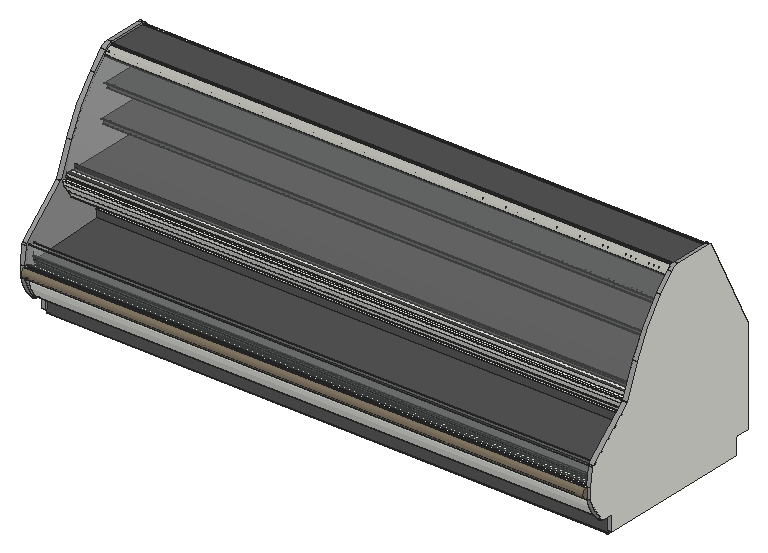
Revit family "CR3HV-ND_2014", category Specialty Equipment, Revit 2014 (continued)
Automatic sketch dimensions
  Extrusion 9 sketch curve to Extrusion 9 sketch curve = 0.13866"
  Extrusion 9 sketch curve to Extrusion 9 sketch curve = 0.16094"
  Extrusion 9 sketch curve to Extrusion 9 sketch curve = 0.05507"
  Extrusion 9 sketch curve to Extrusion 9 sketch curve = 0.05615"
  Extrusion 9 sketch curve to Extrusion 9 sketch curve = 0.06289"
  Extrusion 9 sketch curve to Extrusion 9 sketch curve = 0.05451"
  Extrusion 9 sketch curve to Extrusion 9 sketch curve = 0.01184"
  Extrusion 9 sketch curve to Extrusion 9 sketch curve = 0.00014"
  Extrusion 9 sketch curve to Extrusion 9 sketch curve = 0.04832"
  Extrusion 9 sketch curve to Extrusion 9 sketch curve = 0.02095"
  Extrusion 9 sketch curve to Extrusion 9 sketch curve = 0.00189"
  Extrusion 9 sketch curve to Extrusion 9 sketch curve = 0.03346"
  Extrusion 9 sketch curve to Extrusion 9 sketch curve = 0.21774"
  Extrusion 9 sketch curve to Extrusion 9 sketch curve = 0.03877"
  Extrusion 9 sketch curve to Extrusion 9 sketch curve = 0.03904"
  plane 8 to Extrusion 9 sketch curve = 1.10241"
  Extrusion 9 sketch curve to Extrusion 9 sketch curve = 0.06402"
  Extrusion 9 sketch curve to Extrusion 9 sketch curve = 0.00967"
  Extrusion 9 sketch curve to Extrusion 9 sketch curve = 0.027"
  Extrusion 9 sketch curve to Extrusion 9 sketch curve = 0.26105"
  Extrusion 9 sketch curve to Extrusion 9 sketch curve = 0.03937"
  Extrusion 9 sketch curve to Extrusion 9 sketch curve = 0.06401"
  Extrusion 9 sketch curve to Extrusion 9 sketch curve = 0.27165"
  Extrusion 9 sketch curve to Extrusion 9 sketch curve = 0.03537"
  plane 8 to Extrusion 9 sketch curve = 2.35706"
  Extrusion 9 sketch curve to Extrusion 9 sketch curve = 0.03814"
  Extrusion 9 sketch curve to Extrusion 9 sketch curve = 0.00018"
  Extrusion 10 sketch curve to level = 0"
  level to Extrusion 10 sketch curve = 1/8"
  plane 9 to Extrusion 10 sketch curve = 7.1352"
  Extrusion 10 sketch curve to Extrusion 10 sketch curve = 1/8"
  Extrusion 10 sketch curve to Extrusion 10 sketch curve = 9/32"
  Extrusion 10 sketch curve to Extrusion 10 sketch curve = 0.035"
  level to Extrusion 10 sketch curve = 0.12301"
  Extrusion 10 sketch curve to Extrusion 10 sketch curve = 0.30277"
  level to Extrusion 10 sketch curve = 0.15526"
  Extrusion 10 sketch curve to Extrusion 10 sketch curve = 0.01862"
  level to Extrusion 10 sketch curve = 0.05568"
  Extrusion 10 sketch curve to Extrusion 10 sketch curve = 0.36323"
  level to Extrusion 10 sketch curve = 0.09015"
  Extrusion 10 sketch curve to Extrusion 10 sketch curve = 0.00608"
  Extrusion 10 sketch curve to Extrusion 10 sketch curve = 0.37028"
  Extrusion 10 sketch curve to Extrusion 10 sketch curve = 0.01274"
  Extrusion 10 sketch curve to Extrusion 10 sketch curve = 5 5/32"
  Extrusion 10 sketch curve to Extrusion 10 sketch curve = 5.01739"
  Extrusion 11 sketch curve to Extrusion 11 sketch curve = 0"  (x3)
  plane 9 to Extrusion 11 sketch curve = 15.37827"
  Extrusion 11 sketch curve to Extrusion 11 sketch curve = 0.515"
  Extrusion 11 sketch curve to Extrusion 11 sketch curve = 0.02766"
  Extrusion 11 sketch curve to Extrusion 11 sketch curve = 0.03486"  (x2)
  Extrusion 11 sketch curve to Extrusion 11 sketch curve = 0.02988"
  Extrusion 11 sketch curve to Extrusion 11 sketch curve = 0.03"  (x3)
  Extrusion 11 sketch curve to Extrusion 11 sketch curve = 0.035"
  Extrusion 11 sketch curve to Extrusion 11 sketch curve = 0.00883"
  Extrusion 11 sketch curve to Extrusion 11 sketch curve = 0.03109"
  Extrusion 11 sketch curve to Extrusion 11 sketch curve = 0.00005"
  Extrusion 11 sketch curve to Extrusion 11 sketch curve = 0.03299"
  Extrusion 11 sketch curve to Extrusion 11 sketch curve = 0.06453"
  Extrusion 11 sketch curve to Extrusion 11 sketch curve = 0.0787"
  Extrusion 11 sketch curve to Extrusion 11 sketch curve = 0.08195"
  Extrusion 11 sketch curve to Extrusion 11 sketch curve = 0.82481"
  Extrusion 11 sketch curve to Extrusion 11 sketch curve = 0.06907"
  Extrusion 11 sketch curve to Extrusion 11 sketch curve = 0.0847"
  plane 8 to Extrusion 11 sketch curve = 24.75164"
  Extrusion 11 sketch curve to Extrusion 11 sketch curve = 0.91075"
  Extrusion 11 sketch curve to Extrusion 11 sketch curve = 0.06107"
  Extrusion 11 sketch curve to Extrusion 11 sketch curve = 0.98365"
  Extrusion 11 sketch curve to Extrusion 11 sketch curve = 1.07222"
  Extrusion 11 sketch curve to Extrusion 11 sketch curve = 0.05546"
  Extrusion 11 sketch curve to Extrusion 11 sketch curve = 0.30493"
  Extrusion 11 sketch curve to Extrusion 11 sketch curve = 1/128"
  Extrusion 11 sketch curve to Extrusion 11 sketch curve = 0.39149"
  Extrusion 11 sketch curve to Extrusion 11 sketch curve = 0.0031"
  Extrusion 11 sketch curve to Extrusion 11 sketch curve = 0.00266"
  Extrusion 11 sketch curve to Extrusion 11 sketch curve = 1.55844"
  Extrusion 11 sketch curve to Extrusion 11 sketch curve = 0.05723"
  Extrusion 11 sketch curve to Extrusion 11 sketch curve = 0.00109"
  Extrusion 12 sketch curve to Extrusion 12 sketch curve = 0"  (x2)
  plane 9 to Extrusion 12 sketch curve = 13.1237"
  Extrusion 12 sketch curve to Extrusion 12 sketch curve = 0.23156"
  plane 8 to Extrusion 12 sketch curve = 1.66575"
  plane 1 "Back" to Extrusion 12 sketch curve = 23.88271"
  plane 8 to Extrusion 12 sketch curve = 1.84379"
  Extrusion 12 sketch curve to Extrusion 12 sketch curve = 0.15492"
  Extrusion 12 sketch curve to plane 1 "Back" = 2.52916"
  Extrusion 12 sketch curve to Extrusion 12 sketch curve = 22.67382"
  plane 9 to Extrusion 14 sketch curve = 2.68829"
  Extrusion 14 sketch curve to Extrusion 14 sketch curve = 0.12486"
  plane 9 to Extrusion 14 sketch curve = 2.87316"
  Extrusion 14 sketch curve to Extrusion 14 sketch curve = 0.12437"
  Extrusion 14 sketch curve to Extrusion 14 sketch curve = 0.25581"
  level to Extrusion 14 sketch curve = 14.19929"
  Extrusion 14 sketch curve to Extrusion 14 sketch curve = 0.02955"
  Extrusion 14 sketch curve to Extrusion 14 sketch curve = 3.92755"
  Extrusion 14 sketch curve to Extrusion 14 sketch curve = 0.0067"
  plane 8 to Extrusion 47 sketch curve = 8.41696"
  plane 8 to Extrusion 47 sketch curve = 8.38571"
  Extrusion 47 sketch curve to Extrusion 47 sketch curve = 1/32"  (x6)
  Extrusion 47 sketch curve to Extrusion 47 sketch curve = 0.71125"
  Extrusion 47 sketch curve to Extrusion 47 sketch curve = 0.035"  (x5)
  Extrusion 47 sketch curve to Extrusion 47 sketch curve = 0.00008"
  Extrusion 47 sketch curve to Extrusion 47 sketch curve = 0.055"
  Extrusion 47 sketch curve to Extrusion 47 sketch curve = 0.04625"
  plane 8 to Extrusion 47 sketch curve = 10.00849"
  Extrusion 47 sketch curve to Extrusion 47 sketch curve = 0.05477"
  Extrusion 47 sketch curve to Extrusion 47 sketch curve = 1.96492"
  Extrusion 47 sketch curve to Extrusion 47 sketch curve = 1/2"  (x2)
  Extrusion 47 sketch curve to Extrusion 47 sketch curve = 6 21/32"
  Extrusion 47 sketch curve to Extrusion 47 sketch curve = 0"  (x3)
  Extrusion 47 sketch curve to Extrusion 47 sketch curve = 0.16899"
  Extrusion 47 sketch curve to Extrusion 47 sketch curve = 0.31198"
  Extrusion 47 sketch curve to Extrusion 47 sketch curve = 1.37465"
  Extrusion 47 sketch curve to Extrusion 47 sketch curve = 0.41677"
  Extrusion 47 sketch curve to Extrusion 47 sketch curve = 7/32"
  Extrusion 48 sketch curve to Extrusion 48 sketch curve = 1/32"  (x6)
  Extrusion 48 sketch curve to Extrusion 48 sketch curve = 0.71125"
  Extrusion 48 sketch curve to Extrusion 48 sketch curve = 0.035"  (x4)
  Extrusion 48 sketch curve to Extrusion 48 sketch curve = 0.00008"
  Extrusion 48 sketch curve to Extrusion 48 sketch curve = 0.055"
  Extrusion 48 sketch curve to Extrusion 48 sketch curve = 0.04625"
  plane 8 to Extrusion 48 sketch curve = 17.78662"
  Extrusion 48 sketch curve to Extrusion 48 sketch curve = 0.05477"
  Extrusion 48 sketch curve to Extrusion 48 sketch curve = 1.96492"
  Extrusion 48 sketch curve to Extrusion 48 sketch curve = 1/2"  (x2)
  Extrusion 48 sketch curve to Extrusion 48 sketch curve = 8 21/32"
  Extrusion 48 sketch curve to Extrusion 48 sketch curve = 0"  (x4)
  Extrusion 48 sketch curve to Extrusion 48 sketch curve = 0.16899"
  Extrusion 48 sketch curve to Extrusion 48 sketch curve = 0.31198"
  Extrusion 48 sketch curve to Extrusion 48 sketch curve = 1.37465"
  Extrusion 48 sketch curve to Extrusion 48 sketch curve = 0.8948"
  Extrusion 48 sketch curve to Extrusion 48 sketch curve = 0.16677"
  Extrusion 48 sketch curve to Extrusion 48 sketch curve = 3/16"  (x2)
  Extrusion 4 sketch curve to plane 1 "Back" = 0"
  plane 1 "Back" to Extrusion 4 sketch curve = 0.065"
  plane 1 "Back" to Extrusion 4 sketch curve = 0.32751"
  plane 1 "Back" to Extrusion 4 sketch curve = 0.6263"
  Extrusion 4 sketch curve to Extrusion 4 sketch curve = 0.62802"
  Extrusion 4 sketch curve to Extrusion 4 sketch curve = 0.06401"
  Extrusion 4 sketch curve to Extrusion 4 sketch curve = 1.352"
  Extrusion 4 sketch curve to Extrusion 4 sketch curve = 0.03046"
  Extrusion 4 sketch curve to Extrusion 4 sketch curve = 0.104"
  Extrusion 4 sketch curve to Extrusion 4 sketch curve = 0.68908"  (x2)
  Extrusion 4 sketch curve to Extrusion 4 sketch curve = 0.07354"  (x2)
  Extrusion 4 sketch curve to Extrusion 4 sketch curve = 0.81092"
  Extrusion 4 sketch curve to Extrusion 4 sketch curve = 0.0545"
  Extrusion 4 sketch curve to Extrusion 4 sketch curve = 0.0361"
  Extrusion 4 sketch curve to Extrusion 4 sketch curve = 0.12383"
  Extrusion 4 sketch curve to Extrusion 4 sketch curve = 0.00225"
  Extrusion 4 sketch curve to Extrusion 4 sketch curve = 0.20915"
  plane 8 to Extrusion 4 sketch curve = 2.56602"
  plane 8 to Extrusion 4 sketch curve = 2.69006"
  Extrusion 4 sketch curve to Extrusion 4 sketch curve = 0.03915"
  Extrusion 4 sketch curve to Extrusion 4 sketch curve = 0.08163"
  plane 8 to Extrusion 4 sketch curve = 0.28035"
  Extrusion 4 sketch curve to Extrusion 4 sketch curve = 1.18817"
  Extrusion 4 sketch curve to Extrusion 4 sketch curve = 0.02662"
  Extrusion 4 sketch curve to Extrusion 4 sketch curve = 0.35481"
  Extrusion 4 sketch curve to Extrusion 4 sketch curve = 0.092"  (x4)
  Extrusion 4 sketch curve to Extrusion 4 sketch curve = 0.03"  (x3)
  Extrusion 4 sketch curve to Extrusion 4 sketch curve = 0.10449"
  plane 8 to Extrusion 4 sketch curve = 0.68894"
  Extrusion 4 sketch curve to Extrusion 4 sketch curve = 9.45273"
  Extrusion 4 sketch curve to Extrusion 4 sketch curve = 2.48774"
  Extrusion 4 sketch curve to Extrusion 4 sketch curve = 0.47374"
  Extrusion 4 sketch curve to Extrusion 4 sketch curve = 0.035"
  Extrusion 4 sketch curve to Extrusion 4 sketch curve = 2.25801"
  Extrusion 4 sketch curve to Extrusion 4 sketch curve = 0.1985"
  Extrusion 4 sketch curve to Extrusion 4 sketch curve = 0.01919"
  level to Extrusion 4 sketch curve = 7.2975"
  Extrusion 4 sketch curve to Extrusion 4 sketch curve = 0.98004"
  Extrusion 4 sketch curve to Extrusion 4 sketch curve = 0.8265"
  Extrusion 4 sketch curve to Extrusion 4 sketch curve = 2.4815"
  Extrusion 4 sketch curve to Extrusion 4 sketch curve = 0.11678"
  Extrusion 4 sketch curve to Extrusion 4 sketch curve = 0.15359"
  Extrusion 4 sketch curve to Extrusion 4 sketch curve = 0.04211"
  Extrusion 4 sketch curve to Extrusion 4 sketch curve = 0.06467"
  level to Extrusion 4 sketch curve = 17.17228"
  Extrusion 4 sketch curve to Extrusion 4 sketch curve = 0.06386"
  Extrusion 4 sketch curve to Extrusion 4 sketch curve = 1.55573"
  Extrusion 4 sketch curve to Extrusion 4 sketch curve = 4.81909"
  Extrusion 4 sketch curve to Extrusion 4 sketch curve = 0.87605"
  Extrusion 4 sketch curve to Extrusion 4 sketch curve = 0.12563"
  Extrusion 4 sketch curve to Extrusion 4 sketch curve = 0.02379"  (x2)
  Extrusion 4 sketch curve to Extrusion 4 sketch curve = 0.0325"  (x2)
  Extrusion 4 sketch curve to Extrusion 4 sketch curve = 0.07575"
  Extrusion 4 sketch curve to Extrusion 4 sketch curve = 0.015"  (x2)
  Extrusion 4 sketch curve to Extrusion 4 sketch curve = 0.02598"
  Extrusion 4 sketch curve to Extrusion 4 sketch curve = 0.48449"
  Extrusion 4 sketch curve to Extrusion 4 sketch curve = 0.01904"
  Extrusion 4 sketch curve to Extrusion 4 sketch curve = 0.065"
  Extrusion 4 sketch curve to Extrusion 4 sketch curve = 0.12441"
  Extrusion 4 sketch curve to Extrusion 4 sketch curve = 0.24849"  (x2)
  Extrusion 4 sketch curve to Extrusion 4 sketch curve = 0.04596"
  Extrusion 4 sketch curve to Extrusion 4 sketch curve = 0.83571"
  Extrusion 4 sketch curve to Extrusion 4 sketch curve = 0.05629"  (x2)
  Extrusion 4 sketch curve to Extrusion 4 sketch curve = 0.14725"
  Extrusion 4 sketch curve to Extrusion 4 sketch curve = 0.04065"
  Extrusion 4 sketch curve to Extrusion 4 sketch curve = 1.02139"
  Extrusion 4 sketch curve to Extrusion 4 sketch curve = 0.05766"
  Extrusion 4 sketch curve to Extrusion 4 sketch curve = 0.85479"
  Extrusion 4 sketch curve to Extrusion 4 sketch curve = 0.0357"
  Extrusion 4 sketch curve to Extrusion 4 sketch curve = 0.07566"
  Extrusion 4 sketch curve to Extrusion 4 sketch curve = 0.03881"
  Extrusion 4 sketch curve to Extrusion 4 sketch curve = 0.05591"
  Extrusion 4 sketch curve to Extrusion 4 sketch curve = 0.02684"
  Extrusion 4 sketch curve to Extrusion 4 sketch curve = 0.03603"
  Extrusion 4 sketch curve to Extrusion 4 sketch curve = 0.0541"
  Extrusion 4 sketch curve to Extrusion 4 sketch curve = 0.7444"
  Extrusion 4 sketch curve to Extrusion 4 sketch curve = 0.09558"
  Extrusion 4 sketch curve to Extrusion 4 sketch curve = 0.74671"
  Extrusion 4 sketch curve to Extrusion 4 sketch curve = 0.76169"
  Extrusion 4 sketch curve to Extrusion 4 sketch curve = 0.01886"
  Extrusion 4 sketch curve to Extrusion 4 sketch curve = 0.2159"
  Extrusion 4 sketch curve to Extrusion 4 sketch curve = 0.02365"
  Extrusion 4 sketch curve to Extrusion 4 sketch curve = 0.06259"
  plane 9 to Extrusion 4 sketch curve = 11.03615"
  plane 9 to Extrusion 4 sketch curve = 6.9102"
  Extrusion 4 sketch curve to Extrusion 4 sketch curve = 0.05412"
  plane 9 to Extrusion 4 sketch curve = 5.24785"
  Extrusion 4 sketch curve to Extrusion 4 sketch curve = 0.062"  (x2)
  Extrusion 4 sketch curve to Extrusion 4 sketch curve = 0.01883"
  Extrusion 4 sketch curve to Extrusion 4 sketch curve = 0.05989"
  Extrusion 4 sketch curve to Extrusion 4 sketch curve = 0.345"
  Extrusion 4 sketch curve to Extrusion 4 sketch curve = 2.91494"
  Extrusion 4 sketch curve to Extrusion 4 sketch curve = 0.0433"
  Extrusion 4 sketch curve to Extrusion 4 sketch curve = 0.06145"
  Extrusion 4 sketch curve to Extrusion 4 sketch curve = 0.06914"
  Extrusion 4 sketch curve to Extrusion 4 sketch curve = 0.942"
  Extrusion 4 sketch curve to Extrusion 4 sketch curve = 0.56589"
  Extrusion 4 sketch curve to Extrusion 4 sketch curve = 1.25839"
  Extrusion 4 sketch curve to Extrusion 4 sketch curve = 0.36361"
  Extrusion 4 sketch curve to Extrusion 4 sketch curve = 0.42611"
  plane 9 to Extrusion 4 sketch curve = 1.02779"
  Extrusion 4 sketch curve to Extrusion 4 sketch curve = 0.00311"
  Extrusion 4 sketch curve to Extrusion 4 sketch curve = 0.48743"
  Extrusion 4 sketch curve to Extrusion 4 sketch curve = 0.0925"
  Extrusion 4 sketch curve to Extrusion 4 sketch curve = 0.47528"
  Extrusion 4 sketch curve to Extrusion 4 sketch curve = 0.23651"
  Extrusion 4 sketch curve to Extrusion 4 sketch curve = 0.01521"
  plane 9 to Extrusion 4 sketch curve = 0.14277"  (x2)
  plane 9 to Extrusion 4 sketch curve = 0.05027"
  Extrusion 4 sketch curve to plane 1 "Back" = 0.08431"
  Extrusion 4 sketch curve to Extrusion 4 sketch curve = 0.03809"
  Extrusion 4 sketch curve to plane 1 "Back" = 0.15406"
  level to Extrusion 4 sketch curve = 7.237"
  Extrusion 4 sketch curve to Extrusion 4 sketch curve = 0.136"
  Extrusion 4 sketch curve to Extrusion 4 sketch curve = 0.70692"
  Extrusion 4 sketch curve to Extrusion 4 sketch curve = 0.75032"
  Extrusion 4 sketch curve to Extrusion 4 sketch curve = 1.5865"
  Extrusion 4 sketch curve to Extrusion 4 sketch curve = 0.74139"
  Extrusion 4 sketch curve to Extrusion 4 sketch curve = 0.01129"
  Extrusion 4 sketch curve to Extrusion 4 sketch curve = 0.38798"
  Extrusion 4 sketch curve to Extrusion 4 sketch curve = 0.01095"
  Extrusion 4 sketch curve to Extrusion 4 sketch curve = 0.82285"
  Extrusion 4 sketch curve to Extrusion 4 sketch curve = 2.6421"
  Extrusion 4 sketch curve to Extrusion 4 sketch curve = 0.19959"
  Extrusion 4 sketch curve to Extrusion 4 sketch curve = 3.75115"
  Extrusion 4 sketch curve to Extrusion 4 sketch curve = 0.01965"
  Extrusion 4 sketch curve to Extrusion 4 sketch curve = 0.0444"
  Extrusion 4 sketch curve to Extrusion 4 sketch curve = 0.02984"
  Extrusion 4 sketch curve to Extrusion 4 sketch curve = 0.96146"
  Extrusion 4 sketch curve to Extrusion 4 sketch curve = 0.01605"
  Extrusion 4 sketch curve to Extrusion 4 sketch curve = 0.18049"
  Extrusion 4 sketch curve to Extrusion 4 sketch curve = 0.22173"
  Extrusion 4 sketch curve to Extrusion 4 sketch curve = 0.23307"
  Extrusion 4 sketch curve to Extrusion 4 sketch curve = 1.70487"
  Extrusion 4 sketch curve to Extrusion 4 sketch curve = 0.31289"
  Extrusion 4 sketch curve to Extrusion 4 sketch curve = 0.3255"
  Extrusion 4 sketch curve to Extrusion 4 sketch curve = 0.4175"
  Extrusion 4 sketch curve to Extrusion 4 sketch curve = 0.476"
  Extrusion 4 sketch curve to Extrusion 4 sketch curve = 0.3284"
  Extrusion 4 sketch curve to Extrusion 4 sketch curve = 0.59641"
  Extrusion 4 sketch curve to Extrusion 4 sketch curve = 0.28768"
  Extrusion 4 sketch curve to Extrusion 4 sketch curve = 0.01868"
  Extrusion 4 sketch curve to Extrusion 4 sketch curve = 0.41526"
  Extrusion 4 sketch curve to Extrusion 4 sketch curve = 0.30844"
  Extrusion 4 sketch curve to Extrusion 4 sketch curve = 0.40023"
  Extrusion 4 sketch curve to Extrusion 4 sketch curve = 2.45575"
  Extrusion 4 sketch curve to Extrusion 4 sketch curve = 14.176"
  Extrusion 4 sketch curve to Extrusion 4 sketch curve = 0.70971"
  Extrusion 4 sketch curve to Extrusion 4 sketch curve = 0.08169"
  Extrusion 4 sketch curve to Extrusion 4 sketch curve = 0.49529"
  Extrusion 4 sketch curve to Extrusion 4 sketch curve = 0.634"
  Extrusion 4 sketch curve to Extrusion 4 sketch curve = 1.47343"
  Extrusion 4 sketch curve to Extrusion 4 sketch curve = 0.22796"
  Extrusion 4 sketch curve to Extrusion 4 sketch curve = 0.4825"
  Extrusion 4 sketch curve to Extrusion 4 sketch curve = 2.03209"
  Extrusion 4 sketch curve to Extrusion 4 sketch curve = 0.17619"
  Extrusion 4 sketch curve to Extrusion 4 sketch curve = 0.12493"
  Extrusion 4 sketch curve to Extrusion 4 sketch curve = 2.40612"
  Extrusion 4 sketch curve to Extrusion 4 sketch curve = 2.30449"
  Extrusion 4 sketch curve to Extrusion 4 sketch curve = 1.48589"
  Extrusion 4 sketch curve to Extrusion 4 sketch curve = 0.02117"
  Extrusion 4 sketch curve to Extrusion 4 sketch curve = 0.03315"
  Extrusion 4 sketch curve to Extrusion 4 sketch curve = 0.01788"
  Extrusion 4 sketch curve to Extrusion 4 sketch curve = 0.01807"
  Extrusion 4 sketch curve to Extrusion 4 sketch curve = 1.75954"
  Extrusion 4 sketch curve to Extrusion 4 sketch curve = 0.70434"
  Extrusion 4 sketch curve to Extrusion 4 sketch curve = 0.12365"
  Extrusion 4 sketch curve to Extrusion 4 sketch curve = 3.53111"
  Extrusion 4 sketch curve to Extrusion 4 sketch curve = 3.5509"
  Extrusion 4 sketch curve to Extrusion 4 sketch curve = 0.00109"
  Extrusion 4 sketch curve to Extrusion 4 sketch curve = 0.25565"
  Extrusion 4 sketch curve to Extrusion 4 sketch curve = 0.37225"
  Extrusion 4 sketch curve to Extrusion 4 sketch curve = 0.04827"
  Extrusion 4 sketch curve to Extrusion 4 sketch curve = 0.07809"
  Extrusion 4 sketch curve to Extrusion 4 sketch curve = 0.36179"
  Extrusion 4 sketch curve to Extrusion 4 sketch curve = 0.61444"
  Extrusion 4 sketch curve to Extrusion 4 sketch curve = 0.58146"
  Extrusion 4 sketch curve to Extrusion 4 sketch curve = 0.01598"
  Extrusion 4 sketch curve to Extrusion 4 sketch curve = 0.66904"
  Extrusion 4 sketch curve to Extrusion 4 sketch curve = 0"  (x2)
  Extrusion 4 sketch curve to Extrusion 4 sketch curve = 0.03001"
  Extrusion 4 sketch curve to Extrusion 4 sketch curve = 1.42038"
  Extrusion 4 sketch curve to Extrusion 4 sketch curve = 0.92639"
  Extrusion 4 sketch curve to Extrusion 4 sketch curve = 2.16535"
  Extrusion 4 sketch curve to Extrusion 4 sketch curve = 0.11374"
  Extrusion 4 sketch curve to Extrusion 4 sketch curve = 0.30274"
  Extrusion 4 sketch curve to Extrusion 4 sketch curve = 0.37676"
  Extrusion 4 sketch curve to Extrusion 4 sketch curve = 0.05151"
  Extrusion 4 sketch curve to Extrusion 4 sketch curve = 1.70578"
  plane 9 to Extrusion 4 sketch curve = 12.06429"
  plane 1 "Back" to Extrusion 4 sketch curve = 22.42495"
  plane 1 "Back" to Extrusion 4 sketch curve = 4.37446"
  Extrusion 4 sketch curve to Extrusion 4 sketch curve = 0.10515"
  Extrusion 4 sketch curve to Extrusion 4 sketch curve = 1.10682"
  plane 1 "Back" to Extrusion 8 sketch curve = 22.23718"
  Extrusion 8 sketch curve to Extrusion 8 sketch curve = 9.67164"
  plane 1 "Back" to Extrusion 9 sketch curve = 24.4656"
  plane 1 "Back" to Extrusion 10 sketch curve = 3.8923"
  plane 1 "Back" to Extrusion 11 sketch curve = 5.70537"
  Extrusion 11 sketch curve to Extrusion 11 sketch curve = 1.32561"
  Extrusion 11 sketch curve to Extrusion 11 sketch curve = 2.4182"
  plane 1 "Back" to Extrusion 47 sketch curve = 24.61547"
  plane 9 to Extrusion 48 sketch curve = 24.39916"
  plane 9 to Extrusion 49 sketch curve = 0.07607"
  plane 9 to Extrusion 49 sketch curve = 1.2376"
  plane 9 to Extrusion 49 sketch curve = 3.872"
  Extrusion 49 sketch curve to Extrusion 49 sketch curve = 0.00662"
  Extrusion 49 sketch curve to Extrusion 49 sketch curve = 2.75658"
  level to Extrusion 49 sketch curve = 0.8752"
  Extrusion 49 sketch curve to Extrusion 49 sketch curve = 1/4"  (x2)
  plane 9 to Extrusion 49 sketch curve = 15.05577"
  Extrusion 49 sketch curve to Extrusion 49 sketch curve = 8.51738"
  Extrusion 49 sketch curve to Extrusion 49 sketch curve = 6.75972"
  plane 8 to Extrusion 49 sketch curve = 4.92234"
  Extrusion 49 sketch curve to Extrusion 49 sketch curve = 7.52939"
  plane 8 to Extrusion 49 sketch curve = 1.12983"
  Extrusion 49 sketch curve to Extrusion 49 sketch curve = 3.39557"
  plane 8 to Extrusion 49 sketch curve = 0.13096"
  Extrusion 49 sketch curve to Extrusion 49 sketch curve = 2.23506"
  Extrusion 49 sketch curve to Extrusion 49 sketch curve = 9.96413"
  plane 8 to Extrusion 49 sketch curve = 0.26565"
  Extrusion 49 sketch curve to Extrusion 49 sketch curve = 0.22182"  (x2)
  plane 1 "Back" to Extrusion 49 sketch curve = 3.6073"
  Extrusion 49 sketch curve to Extrusion 49 sketch curve = 3/8"
  Extrusion 49 sketch curve to plane 1 "Back" = 0.14187"  (x2)
  Extrusion 49 sketch curve to plane 1 "Back" = 2.52916"
  Extrusion 49 sketch curve to Extrusion 49 sketch curve = 3.80193"
  Extrusion 49 sketch curve to Extrusion 49 sketch curve = 4.1008"
  Extrusion 49 sketch curve to Extrusion 49 sketch curve = 0.31993"
  Extrusion 49 sketch curve to Extrusion 49 sketch curve = 5.72528"
  level to Extrusion 49 sketch curve = 13.20019"
  Extrusion 49 sketch curve to Extrusion 49 sketch curve = 2.94246"
  Extrusion 49 sketch curve to Extrusion 49 sketch curve = 2.76832"
  Extrusion 49 sketch curve to Extrusion 49 sketch curve = 4.34967"
  Extrusion 49 sketch curve to Extrusion 49 sketch curve = 15.74131"
  Extrusion 49 sketch curve to Extrusion 49 sketch curve = 8.40015"
  Extrusion 49 sketch curve to Extrusion 49 sketch curve = 0.55538"
  Extrusion 49 sketch curve to Extrusion 49 sketch curve = 0.18188"
  Extrusion 49 sketch curve to Extrusion 49 sketch curve = 3.26832"
  Extrusion 49 sketch curve to Extrusion 49 sketch curve = 0.0736"
  Extrusion 49 sketch curve to Extrusion 49 sketch curve = 7.9992"
  Extrusion 49 sketch curve to Extrusion 49 sketch curve = 0.11524"
  Extrusion 49 sketch curve to Extrusion 49 sketch curve = 0.27395"
  plane 9 to Extrusion 50 sketch curve = 0.07607"
  plane 9 to Extrusion 50 sketch curve = 0.8641"
  Extrusion 50 sketch curve to Extrusion 50 sketch curve = 0.3735"
  plane 9 to Extrusion 50 sketch curve = 3.872"
  Extrusion 50 sketch curve to Extrusion 50 sketch curve = 0.00662"
  Extrusion 50 sketch curve to Extrusion 50 sketch curve = 2.75658"
  level to Extrusion 50 sketch curve = 0.8752"
  Extrusion 50 sketch curve to Extrusion 50 sketch curve = 1/4"
  plane 9 to Extrusion 50 sketch curve = 11.5135"
  Extrusion 50 sketch curve to Extrusion 50 sketch curve = 0.27395"
  Extrusion 50 sketch curve to Extrusion 50 sketch curve = 0.0736"
  Extrusion 50 sketch curve to Extrusion 50 sketch curve = 3.19472"
  Extrusion 50 sketch curve to Extrusion 50 sketch curve = 3.36512"
  Extrusion 50 sketch curve to Extrusion 50 sketch curve = 6.75972"
  plane 8 to Extrusion 50 sketch curve = 4.92234"
  Extrusion 50 sketch curve to Extrusion 50 sketch curve = 7.52939"
  plane 8 to Extrusion 50 sketch curve = 1.12983"
  Extrusion 50 sketch curve to Extrusion 50 sketch curve = 3.39557"
  plane 8 to Extrusion 50 sketch curve = 0.13096"
  Extrusion 50 sketch curve to Extrusion 50 sketch curve = 2.23506"
  Extrusion 50 sketch curve to Extrusion 50 sketch curve = 9.96413"
  plane 8 to Extrusion 50 sketch curve = 0.26565"
  Extrusion 50 sketch curve to Extrusion 50 sketch curve = 0.22182"  (x2)
  plane 1 "Back" to Extrusion 50 sketch curve = 3.6073"
  Extrusion 50 sketch curve to Extrusion 50 sketch curve = 3/8"
  Extrusion 50 sketch curve to plane 1 "Back" = 0.14187"  (x2)
  Extrusion 50 sketch curve to Extrusion 50 sketch curve = 0.02818"
  Extrusion 50 sketch curve to plane 1 "Back" = 2.52916"
  Extrusion 50 sketch curve to Extrusion 50 sketch curve = 3.80193"
  Extrusion 50 sketch curve to Extrusion 50 sketch curve = 4.1008"
  Extrusion 50 sketch curve to Extrusion 50 sketch curve = 0.31993"
  Extrusion 50 sketch curve to Extrusion 50 sketch curve = 5.72528"
  level to Extrusion 50 sketch curve = 13.20019"
  Extrusion 50 sketch curve to Extrusion 50 sketch curve = 2.94246"
  Extrusion 50 sketch curve to Extrusion 50 sketch curve = 2.76832"
  Extrusion 50 sketch curve to Extrusion 50 sketch curve = 4.34967"
  Extrusion 50 sketch curve to Extrusion 50 sketch curve = 0.42179"
  Extrusion 50 sketch curve to Extrusion 50 sketch curve = 15.74131"
  Extrusion 50 sketch curve to Extrusion 50 sketch curve = 7.9992"
  Extrusion 50 sketch curve to Extrusion 50 sketch curve = 0.11524"
  Extrusion 50 sketch curve to Extrusion 50 sketch curve = 8.40015"
  Extrusion 1 sketch curve to Extrusion 1 sketch curve = 0"  (x2)
  Extrusion 2 sketch curve to Extrusion 2 sketch curve = 0"
  Extrusion 3 sketch curve to Extrusion 3 sketch curve = 0"
  curve 8 to plane 3 "Left" = 0"
  curve 8 to plane 6 "Right" = 0"
  plane 1 "Back" to curve 1 = 0"
  plane 1 "Back" to curve 4 = 0"
  plane 1 "Back" to curve 2 = 0"
  plane 1 "Back" to curve 3 = 0"
  plane 1 "Back" to curve 5 = 0"
  curve 3 to plane 9 = 1"
  curve 4 to plane 9 = 1"
  curve 2 to plane 9 = 1"
  curve 5 to plane 9 = 1"
  curve 1 to plane 9 = 1"
  Extrusion 13 sketch curve to Extrusion 13 sketch curve = 0"  (x3)
  plane 4 "Center (Left/Right)" to Extrusion 13 sketch curve = 5"
Nested families (in)
  nested 1: "Floor Support - Pegs" at (-75.99499, -30.3648, 0), type "Floor Support - Pegs"
  nested 2: "Floor Support - Pegs" at (65.38051, -30.3648, 0), type "Floor Support - Pegs"
  nested 3: "Service Doors - 117.5deg - 48" at (18.69301, -25.2602, 5.82071), visible <- "12 Case", type "Service Doors - 117.5deg - 48"
  nested 4: "Light" at (-5.30699, -12.53671, -1.97929), type "Light"
    with Length 144"
  nested 5: "Light" at (-5.30699, -25.23383, -28.17488), type "Light"
    with Length 144"
  nested 6: "Service Doors - 117.5deg - 48" at (-29.30699, -25.2602, 5.82071), visible <- "12 Case", type "Service Doors - 117.5deg - 48"
  nested 7: "Service Doors - 117.5deg - 48" at (-77.30699, -25.2602, 5.82071), visible <- "12 Case", type "Service Doors - 117.5deg - 48"
  nested 8: "Service Doors - 117.5deg - 48" at (18.69301, -25.2602, 5.82071), visible <- "12 Case", type "Service Doors - 117.5deg - 48", not visible
  nested 9: "Service Doors - 117.5deg - 48" at (-29.30699, -25.2602, 5.82071), visible <- "12 Case", type "Service Doors - 117.5deg - 48", not visible
  nested 10: "Service Doors - 117.5deg - 48" at (-77.30699, -25.2602, 5.82071), visible <- "12 Case", type "Service Doors - 117.5deg - 48", not visible
  nested 11: "Service Doors - 117.5deg - 48" at (-29.30699, -25.2602, 5.82071), visible <- "8 Case", type "Service Doors - 117.5deg - 48"
  nested 12: "Service Doors - 117.5deg - 48" at (-77.30699, -25.2602, 5.82071), visible <- "8 Case", type "Service Doors - 117.5deg - 48"
  nested 13: "Service Doors - 117.5deg - 48" at (-29.30699, -25.2602, 5.82071), visible <- "8 Case", type "Service Doors - 117.5deg - 48", not visible
  nested 14: "Service Doors - 117.5deg - 48" at (-77.30699, -25.2602, 5.82071), visible <- "8 Case", type "Service Doors - 117.5deg - 48", not visible
  nested 15: "Service Doors - 117.5deg - 48" at (-77.30699, -25.2602, 5.82071), visible <- "4 Case", type "Service Doors - 117.5deg - 48"
  nested 16: "Service Doors - 117.5deg - 48" at (-77.30699, -25.2602, 5.82071), visible <- "4 Case", type "Service Doors - 117.5deg - 48", not visible
  nested 17: "Service Doors - 117.5deg - 60" at (-77.30699, -25.2602, 5.82071), visible <- "5 Case", type "Service Doors - 117.5deg - 60"
  nested 18: "Service Doors - 117.5deg - 60" at (-170.99499, -25.2602, 5.82071), visible <- "5 Case", type "Service Doors - 117.5deg - 60", not visible
  nested 19: "Service Doors - 117.5deg - 60" at (-17.30699, -25.2602, 5.82071), visible <- "10 Case", type "Service Doors - 117.5deg - 60"
  nested 20: "Service Doors - 117.5deg - 60" at (-110.99499, -25.2602, 5.82071), visible <- "10 Case", type "Service Doors - 117.5deg - 60", not visible
  nested 21: "Service Doors - 117.5deg - 60" at (-77.30699, -25.2602, 5.82071), visible <- "10 Case", type "Service Doors - 117.5deg - 60"
  nested 22: "Service Doors - 117.5deg - 60" at (-170.99499, -25.2602, 5.82071), visible <- "10 Case", type "Service Doors - 117.5deg - 60", not visible
  nested 23: "Service Doors - 117.5deg - 72" at (-77.30699, -25.2602, 5.82071), visible <- "6 Case", type "Service Doors - 117.5deg - 72"
  nested 24: "Service Doors - 117.5deg - 72" at (-72.99499, -14.87528, -5.43121), visible <- "6 Case", type "Service Doors - 117.5deg - 72", not visible
  nested 25: "Sliding Doors" at (-77.30699, 0, 7.2625), type "Sliding Doors"
    with Height 14 1/8"
  nested 26: "Floor Support - Pegs" at (-28.86982, -30.3648, 0), type "Floor Support - Pegs"
  nested 27: "Floor Support - Pegs" at (18.25535, -30.3648, 0), type "Floor Support - Pegs"
  nested 28: "Light" at (-5.30699, -14.22991, -7.92748), type "Light"
    with Length 144"
  nested 29: "Light" at (-5.30699, -15.34029, -15.70562), type "Light"
    with Length 144"
  nested 30: "Shelf Braket - 03" at (-77.05699, -14.86547, 42.98886), visible <- "12 Case", type "Shelf Braket - 03"
    with Front Depth 6 7/16", Backet Location 3 113/256", Back Depth 3 125/256"
  nested 31: "Shelf Braket - 03" at (-77.05699, -13.97584, 35.21072), visible <- "12 Case", type "Shelf Braket - 03"
    with Front Depth 8 7/16", Backet Location 6 77/128", Back Depth 6 83/128"
  nested 32: "Shelf Braket - 03" at (66.44301, -14.86547, 42.98886), visible <- "12 Case", type "Shelf Braket - 03"
    with Front Depth 6 7/16", Backet Location 3 113/256", Back Depth 3 125/256"
  nested 33: "Shelf Braket - 03" at (66.44301, -13.97584, 35.21072), visible <- "12 Case", type "Shelf Braket - 03"
    with Front Depth 8 7/16", Backet Location 6 77/128", Back Depth 6 83/128"
  nested 34: "Shelf Braket - 03" at (18.69301, -14.86547, 42.98886), visible <- "12 Case", type "Shelf Braket - 03"
    with Front Depth 6 7/16", Backet Location 3 113/256", Back Depth 3 125/256"
  nested 35: "Shelf Braket - 03" at (18.69301, -13.97584, 35.21072), visible <- "12 Case", type "Shelf Braket - 03"
    with Front Depth 8 7/16", Backet Location 6 77/128", Back Depth 6 83/128"
  nested 36: "Shelf Braket - 03" at (-29.30699, -14.86547, 42.98886), visible <- "12 Case", type "Shelf Braket - 03"
    with Front Depth 6 7/16", Backet Location 3 113/256", Back Depth 3 125/256"
  nested 37: "Shelf Braket - 03" at (-29.30699, -13.97584, 35.21072), visible <- "12 Case", type "Shelf Braket - 03"
    with Front Depth 8 7/16", Backet Location 6 77/128", Back Depth 6 83/128"
  nested 38: "Shelf Braket - 03" at (-77.05699, -14.86547, 42.98886), visible <- "12 Case", type "Shelf Braket - 03", not visible
    with Front Depth 6 7/16", Backet Location 3 113/256", Back Depth 3 125/256"
  nested 39: "Shelf Braket - 03" at (-77.05699, -13.97584, 35.21072), visible <- "12 Case", type "Shelf Braket - 03", not visible
    with Front Depth 8 7/16", Backet Location 6 77/128", Back Depth 6 83/128"
  nested 40: "Shelf Braket - 03" at (66.44301, -14.86547, 42.98886), visible <- "12 Case", type "Shelf Braket - 03", not visible
    with Front Depth 6 7/16", Backet Location 3 113/256", Back Depth 3 125/256"
  nested 41: "Shelf Braket - 03" at (66.44301, -13.97584, 35.21072), visible <- "12 Case", type "Shelf Braket - 03", not visible
    with Front Depth 8 7/16", Backet Location 6 77/128", Back Depth 6 83/128"
  nested 42: "Shelf Braket - 03" at (18.69301, -14.86547, 42.98886), visible <- "12 Case", type "Shelf Braket - 03", not visible
    with Front Depth 6 7/16", Backet Location 3 113/256", Back Depth 3 125/256"
  nested 43: "Shelf Braket - 03" at (18.69301, -13.97584, 35.21072), visible <- "12 Case", type "Shelf Braket - 03", not visible
    with Front Depth 8 7/16", Backet Location 6 77/128", Back Depth 6 83/128"
  nested 44: "Shelf Braket - 03" at (-29.30699, -14.86547, 42.98886), visible <- "12 Case", type "Shelf Braket - 03", not visible
    with Front Depth 6 7/16", Backet Location 3 113/256", Back Depth 3 125/256"
  nested 45: "Shelf Braket - 03" at (-29.30699, -13.97584, 35.21072), visible <- "12 Case", type "Shelf Braket - 03", not visible
    with Front Depth 8 7/16", Backet Location 6 77/128", Back Depth 6 83/128"
  nested 46: "Shelf Braket - 03" at (-77.05699, -14.86547, 42.98886), visible <- "10 Case", type "Shelf Braket - 03"
    with Front Depth 6 7/16", Backet Location 3 113/256", Back Depth 3 125/256"
  nested 47: "Shelf Braket - 03" at (-77.05699, -13.97584, 35.21072), visible <- "10 Case", type "Shelf Braket - 03"
    with Front Depth 8 7/16", Backet Location 6 77/128", Back Depth 6 83/128"
  nested 48: "Shelf Braket - 03" at (42.44301, -14.86547, 42.98886), visible <- "10 Case", type "Shelf Braket - 03"
    with Front Depth 6 7/16", Backet Location 3 113/256", Back Depth 3 125/256"
  nested 49: "Shelf Braket - 03" at (42.44301, -13.97584, 35.21072), visible <- "10 Case", type "Shelf Braket - 03"
    with Front Depth 8 7/16", Backet Location 6 77/128", Back Depth 6 83/128"
  nested 50: "Shelf Braket - 03" at (-17.30699, -14.86547, 42.98886), visible <- "10 Case", type "Shelf Braket - 03"
    with Front Depth 6 7/16", Backet Location 3 113/256", Back Depth 3 125/256"
  nested 51: "Shelf Braket - 03" at (-17.30699, -13.97584, 35.21072), visible <- "10 Case", type "Shelf Braket - 03"
    with Front Depth 8 7/16", Backet Location 6 77/128", Back Depth 6 83/128"
  nested 52: "Shelf Braket - 03" at (-170.74499, -14.86547, 42.98886), visible <- "10 Case", type "Shelf Braket - 03", not visible
    with Front Depth 6 7/16", Backet Location 3 113/256", Back Depth 3 125/256"
  nested 53: "Shelf Braket - 03" at (-170.74499, -13.97584, 35.21072), visible <- "10 Case", type "Shelf Braket - 03", not visible
    with Front Depth 8 7/16", Backet Location 6 77/128", Back Depth 6 83/128"
  nested 54: "Shelf Braket - 03" at (-51.24499, -14.86547, 42.98886), visible <- "10 Case", type "Shelf Braket - 03", not visible
    with Front Depth 6 7/16", Backet Location 3 113/256", Back Depth 3 125/256"
  nested 55: "Shelf Braket - 03" at (-51.24499, -13.97584, 35.21072), visible <- "10 Case", type "Shelf Braket - 03", not visible
    with Front Depth 8 7/16", Backet Location 6 77/128", Back Depth 6 83/128"
  nested 56: "Shelf Braket - 03" at (-110.99499, -14.86547, 42.98886), visible <- "10 Case", type "Shelf Braket - 03", not visible
    with Front Depth 6 7/16", Backet Location 3 113/256", Back Depth 3 125/256"
  nested 57: "Shelf Braket - 03" at (-110.99499, -13.97584, 35.21072), visible <- "10 Case", type "Shelf Braket - 03", not visible
    with Front Depth 8 7/16", Backet Location 6 77/128", Back Depth 6 83/128"
  nested 58: "Shelf Braket - 03" at (-77.05699, -14.86547, 42.98886), visible <- "8 Case", type "Shelf Braket - 03"
    with Front Depth 6 7/16", Backet Location 3 113/256", Back Depth 3 125/256"
  nested 59: "Shelf Braket - 03" at (-77.05699, -13.97584, 35.21072), visible <- "8 Case", type "Shelf Braket - 03"
    with Front Depth 8 7/16", Backet Location 6 77/128", Back Depth 6 83/128"
  nested 60: "Shelf Braket - 03" at (18.44301, -14.86547, 42.98886), visible <- "8 Case", type "Shelf Braket - 03"
    with Front Depth 6 7/16", Backet Location 3 113/256", Back Depth 3 125/256"
  nested 61: "Shelf Braket - 03" at (18.44301, -13.97584, 35.21072), visible <- "8 Case", type "Shelf Braket - 03"
    with Front Depth 8 7/16", Backet Location 6 77/128", Back Depth 6 83/128"
  nested 62: "Shelf Braket - 03" at (-29.30699, -14.86547, 42.98886), visible <- "8 Case", type "Shelf Braket - 03"
    with Front Depth 6 7/16", Backet Location 3 113/256", Back Depth 3 125/256"
  nested 63: "Shelf Braket - 03" at (-29.30699, -13.97584, 35.21072), visible <- "8 Case", type "Shelf Braket - 03"
    with Front Depth 8 7/16", Backet Location 6 77/128", Back Depth 6 83/128"
  nested 64: "Shelf Braket - 03" at (-77.05699, -14.86547, 42.98886), visible <- "8 Case", type "Shelf Braket - 03", not visible
    with Front Depth 6 7/16", Backet Location 3 113/256", Back Depth 3 125/256"
  nested 65: "Shelf Braket - 03" at (-77.05699, -13.97584, 35.21072), visible <- "8 Case", type "Shelf Braket - 03", not visible
    with Front Depth 8 7/16", Backet Location 6 77/128", Back Depth 6 83/128"
  nested 66: "Shelf Braket - 03" at (18.44301, -14.86547, 42.98886), visible <- "8 Case", type "Shelf Braket - 03", not visible
    with Front Depth 6 7/16", Backet Location 3 113/256", Back Depth 3 125/256"
  nested 67: "Shelf Braket - 03" at (18.44301, -13.97584, 35.21072), visible <- "8 Case", type "Shelf Braket - 03", not visible
    with Front Depth 8 7/16", Backet Location 6 77/128", Back Depth 6 83/128"
  nested 68: "Shelf Braket - 03" at (-29.30699, -14.86547, 42.98886), visible <- "8 Case", type "Shelf Braket - 03", not visible
    with Front Depth 6 7/16", Backet Location 3 113/256", Back Depth 3 125/256"
  nested 69: "Shelf Braket - 03" at (-29.30699, -13.97584, 35.21072), visible <- "8 Case", type "Shelf Braket - 03", not visible
    with Front Depth 8 7/16", Backet Location 6 77/128", Back Depth 6 83/128"
  nested 70: "Shelf Braket - 03" at (-77.05699, -14.86547, 42.98886), visible <- "6 Case", type "Shelf Braket - 03"
    with Front Depth 6 7/16", Backet Location 3 113/256", Back Depth 3 125/256"
  nested 71: "Shelf Braket - 03" at (-77.05699, -13.97584, 35.21072), visible <- "6 Case", type "Shelf Braket - 03"
    with Front Depth 8 7/16", Backet Location 6 77/128", Back Depth 6 83/128"
  nested 72: "Shelf Braket - 03" at (-5.55699, -14.86547, 42.98886), visible <- "6 Case", type "Shelf Braket - 03"
    with Front Depth 6 7/16", Backet Location 3 113/256", Back Depth 3 125/256"
  nested 73: "Shelf Braket - 03" at (-5.55699, -13.97584, 35.21072), visible <- "6 Case", type "Shelf Braket - 03"
    with Front Depth 8 7/16", Backet Location 6 77/128", Back Depth 6 83/128"
  nested 74: "Shelf Braket - 03" at (-72.74499, -4.48055, 31.73695), visible <- "6 Case", type "Shelf Braket - 03", not visible
    with Front Depth 6 7/16", Backet Location 3 113/256", Back Depth 3 125/256"
  nested 75: "Shelf Braket - 03" at (-72.74499, -3.59093, 23.95881), visible <- "6 Case", type "Shelf Braket - 03", not visible
    with Front Depth 8 7/16", Backet Location 6 77/128", Back Depth 6 83/128"
  nested 76: "Shelf Braket - 03" at (-1.24499, -4.48055, 31.73695), visible <- "6 Case", type "Shelf Braket - 03", not visible
    with Front Depth 6 7/16", Backet Location 3 113/256", Back Depth 3 125/256"
  nested 77: "Shelf Braket - 03" at (-1.24499, -3.59093, 23.95881), visible <- "6 Case", type "Shelf Braket - 03", not visible
    with Front Depth 8 7/16", Backet Location 6 77/128", Back Depth 6 83/128"
  nested 78: "Shelf Braket - 03" at (-77.05699, -14.86547, 42.98886), visible <- "5 Case", type "Shelf Braket - 03"
    with Front Depth 6 7/16", Backet Location 3 113/256", Back Depth 3 125/256"
  nested 79: "Shelf Braket - 03" at (-77.05699, -13.97584, 35.21072), visible <- "5 Case", type "Shelf Braket - 03"
    with Front Depth 8 7/16", Backet Location 6 77/128", Back Depth 6 83/128"
  nested 80: "Shelf Braket - 03" at (-17.55699, -14.86547, 42.98886), visible <- "5 Case", type "Shelf Braket - 03"
    with Front Depth 6 7/16", Backet Location 3 113/256", Back Depth 3 125/256"
  nested 81: "Shelf Braket - 03" at (-17.55699, -13.97584, 35.21072), visible <- "5 Case", type "Shelf Braket - 03"
    with Front Depth 8 7/16", Backet Location 6 77/128", Back Depth 6 83/128"
  nested 82: "Shelf Braket - 03" at (-170.74499, -14.86547, 42.98886), visible <- "5 Case", type "Shelf Braket - 03", not visible
    with Front Depth 6 7/16", Backet Location 3 113/256", Back Depth 3 125/256"
  nested 83: "Shelf Braket - 03" at (-170.74499, -13.97584, 35.21072), visible <- "5 Case", type "Shelf Braket - 03", not visible
    with Front Depth 8 7/16", Backet Location 6 77/128", Back Depth 6 83/128"
  nested 84: "Shelf Braket - 03" at (-111.24499, -14.86547, 42.98886), visible <- "5 Case", type "Shelf Braket - 03", not visible
    with Front Depth 6 7/16", Backet Location 3 113/256", Back Depth 3 125/256"
  nested 85: "Shelf Braket - 03" at (-111.24499, -13.97584, 35.21072), visible <- "5 Case", type "Shelf Braket - 03", not visible
    with Front Depth 8 7/16", Backet Location 6 77/128", Back Depth 6 83/128"
  nested 86: "Shelf Braket - 03" at (-77.05699, -14.86547, 42.98886), visible <- "4 Case", type "Shelf Braket - 03"
    with Front Depth 6 7/16", Backet Location 3 113/256", Back Depth 3 125/256"
  nested 87: "Shelf Braket - 03" at (-77.05699, -13.97584, 35.21072), visible <- "4 Case", type "Shelf Braket - 03"
    with Front Depth 8 7/16", Backet Location 6 77/128", Back Depth 6 83/128"
  nested 88: "Shelf Braket - 03" at (-29.55699, -14.86547, 42.98886), visible <- "4 Case", type "Shelf Braket - 03"
    with Front Depth 6 7/16", Backet Location 3 113/256", Back Depth 3 125/256"
  nested 89: "Shelf Braket - 03" at (-29.55699, -13.97584, 35.21072), visible <- "4 Case", type "Shelf Braket - 03"
    with Front Depth 8 7/16", Backet Location 6 77/128", Back Depth 6 83/128"
  nested 90: "Shelf Braket - 03" at (-77.05699, -14.86547, 42.98886), visible <- "4 Case", type "Shelf Braket - 03", not visible
    with Front Depth 6 7/16", Backet Location 3 113/256", Back Depth 3 125/256"
  nested 91: "Shelf Braket - 03" at (-77.05699, -13.97584, 35.21072), visible <- "4 Case", type "Shelf Braket - 03", not visible
    with Front Depth 8 7/16", Backet Location 6 77/128", Back Depth 6 83/128"
  nested 92: "Shelf Braket - 03" at (-29.55699, -14.86547, 42.98886), visible <- "4 Case", type "Shelf Braket - 03", not visible
    with Front Depth 6 7/16", Backet Location 3 113/256", Back Depth 3 125/256"
  nested 93: "Shelf Braket - 03" at (-29.55699, -13.97584, 35.21072), visible <- "4 Case", type "Shelf Braket - 03", not visible
    with Front Depth 8 7/16", Backet Location 6 77/128", Back Depth 6 83/128"
Connectors (in)
  piping at (-13.43199, -38.625, 0), diameter 1.5, driven by "Waste Drain"
    settings: on Extrusion 1, index 8, connector inside diameter 1 1/4", connector length 0", flow factor 0, pipe flow 0 GPM, pressure drop 0.00 psi, fitting loss kfactor 0, connector angle 0.00°, fixture units 0, engagement length 0", angle of deflection 0.00°, flow configuration 0, flow direction 0, fitting loss method 0, system type 16, joint type 0, gender type 0, connector reference index -1, connector utility 0, adjustable connector no, is connector primary yes, connector description "1 1/4\""
  piping at (60.38051, -36.875, 0), diameter 0.625, driven by "Refrig. Suction", driven by "Refrigeration Lines Suction"
    settings: on Extrusion 2, index 9, connector inside diameter 7/8", connector length 0", flow factor 0, pipe flow 0 GPM, pressure drop 0.00 psi, fitting loss kfactor 0, connector angle 0.00°, fixture units 0, engagement length 0", angle of deflection 0.00°, flow configuration 0, flow direction 2, fitting loss method 0, system type 22, joint type 0, gender type 0, connector reference index -1, connector utility 0, adjustable connector no, is connector primary no, connector description "Suction"
  piping at (60.88051, -36.875, 0), diameter 0.375, driven by "Refrig. Liquid", driven by "Refrigeration Lines Liquid"
    settings: on Extrusion 3, index 10, connector inside diameter 3/8", connector length 0", flow factor 0, pipe flow 0 GPM, pressure drop 0.00 psi, fitting loss kfactor 0, connector angle 0.00°, fixture units 0, engagement length 0", angle of deflection 0.00°, flow configuration 0, flow direction 1, fitting loss method 0, system type 22, joint type 0, gender type 0, connector reference index -1, connector utility 0, adjustable connector no, is connector primary no, connector description "Liquid"
  piping at (-0.30699, -17.375, 0), diameter 1.5, driven by "Waste Drain"
    settings: on Extrusion 13, index 13, connector inside diameter 1 1/4", connector length 0", flow factor 0, pipe flow 0 GPM, pressure drop 0.00 psi, fitting loss kfactor 0, connector angle 0.00°, fixture units 0, engagement length 0", angle of deflection 0.00°, flow configuration 0, flow direction 0, fitting loss method 0, system type 16, joint type 0, gender type 0, connector reference index -1, connector utility 0, adjustable connector no, is connector primary no, connector description ""
Definition of nested family "Floor Support - Pegs"
  Parameters (values of type "Floor Support - Pegs")
    Leg = Stainless Steel
    Height = 5.675"
    Depth = 35 3/4"
  Reference planes (in)
    plane 1 "Center (Front/Back)": y = 6.9375
    plane 2: z = 0
    plane 3 "Center (Left/Right)": x = 0
    plane 4: z = 5.675
    plane 5: y = 24.8125
    plane 6: y = -10.9375
  Forms (in)
    Revolve 1, solid, material "Stainless Steel" <- "Leg"
      sketch origin (0, 0, 0) x (0, 1, 0) y (0, 0, 1)
        loop
          line (-10.9375, 0) -> (-10.3785, 0) -> (-10.3785, 0.8) -> (-10.1875, 0.8)
          arc (-10.1875, 0.8) -> (-10.12705, 0.98263) -> (-10.125, 1.175) r 0.625
          line (-10.125, 1.175) -> (-10.125, 3.05) -> (-10, 3.05) -> (-10, 5.675) -> (-10.9375, 5.675) -> (-10.9375, 0)
        axis (-10.9375, 0) -> (-10.9375, 5.675)
      angle from 0 to 360
    Revolve 2, solid, material "Stainless Steel" <- "Leg"
      sketch origin (0, 35.75, 0) x (0, 1, 0) y (0, 0, 1)
        loop
          line (-10.9375, 0) -> (-10.3785, 0) -> (-10.3785, 0.8) -> (-10.1875, 0.8)
          arc (-10.1875, 0.8) -> (-10.12705, 0.98263) -> (-10.125, 1.175) r 0.625
          line (-10.125, 1.175) -> (-10.125, 3.05) -> (-10, 3.05) -> (-10, 5.675) -> (-10.9375, 5.675) -> (-10.9375, 0)
        axis (-10.9375, 0) -> (-10.9375, 5.675)
      angle from 0 to 360
  Dimensions and locks (in)
    "Height": plane 4 to level
    Revolve 1 sketch curve to Revolve 1 sketch curve = 0.2535"
    locked: Revolve 1 sketch curve to Revolve 1 sketch curve at 0.559
    "Depth": plane 6 to plane 5
    equal spacing: plane 6, plane 1 "Center (Front/Back)", plane 5
    plane 4 to Revolve 1 sketch curve = 2 5/8"
    locked: Revolve 1 sketch curve to Revolve 1 sketch curve at 0.125
    locked: Revolve 2 sketch curve to Revolve 2 sketch curve at 0.559
    locked: Revolve 2 sketch curve to Revolve 2 sketch curve at 0.125
    aligned and locked: plane 2 to level
    aligned and locked: Revolve 1 sketch curve to Revolve 1 sketch curve
    aligned and locked: plane 6 to Revolve 1 sketch curve
    aligned and locked: plane 5 to Revolve 2 sketch curve
    aligned and locked: plane 4 to Revolve 2 sketch curve
  Automatic sketch dimensions
    Revolve 1 sketch curve to level = 0"  (x2)
    Revolve 1 sketch curve to plane 4 = 0"  (x2)
    plane 6 to Revolve 1 sketch curve = 0.19396"
    Revolve 1 sketch curve to Revolve 1 sketch curve = 0.191"
    Revolve 1 sketch curve to Revolve 1 sketch curve = 0.8"
    Revolve 1 sketch curve to Revolve 1 sketch curve = 0.28538"
    Revolve 2 sketch curve to level = 0"  (x2)
    Revolve 2 sketch curve to plane 5 = 0"
    Revolve 2 sketch curve to plane 4 = 0"
    plane 5 to Revolve 2 sketch curve = 0.19396"
    Revolve 2 sketch curve to Revolve 2 sketch curve = 0.191"
    plane 5 to Revolve 2 sketch curve = 13/16"
    level to Revolve 2 sketch curve = 0.8"
    Revolve 2 sketch curve to Revolve 2 sketch curve = 0.28538"
    Revolve 2 sketch curve to Revolve 2 sketch curve = 1 7/8"
Definition of nested family "Service Doors - 117.5deg - 48"
  Parameters (values of type "Service Doors - 117.5deg - 48")
    Glazing = Glass
    Door Frame = Plastic - 144 Mist Gray
  Reference planes (in)
    plane 1 "Center (Front/Back)": y = 25.29918
    plane 2: z = 0
    plane 3 "Center (Left/Right)": x = 0
  Forms (in)
    Sweep 1, solid, material "Plastic - 144 Mist Gray" <- "Door Frame"
      path in 3D
        loop
          line (48, 14.56352, 45.35013) -> (0, 14.56352, 45.35013) -> (0, 25.29918, 24.72713) -> (48, 25.29918, 24.72713) -> (48, 14.56352, 45.35013)
      profile origin (24, 14.56352, 45.35013) x (0, -0.999433, -0.03367) y (0, -0.03367, 0.999433)
        loop
          line (0.21075, -0.10084) -> (0, 0) -> (-0.64743, -1.35308) -> (1.38117, -2.32374) -> (1.81279, -1.42169) -> (0.01013, -0.55914) -> (0.21075, -0.10084)
    Extrusion 2, solid, material "Plastic - 144 Mist Gray" <- "Door Frame"
      sketch origin (1.5, 13.26138, 42.9812) x (0, 0.461749, -0.887011) y (0, 0.887011, 0.461749)
        loop
          line (0, 0.25) -> (20.25, 0.25) -> (20.25, 1.0625) -> (0, 1.0625) -> (0, 0.25)
      from 0 to 23
    Extrusion 3, solid, material "Plastic - 144 Mist Gray" <- "Door Frame"
      sketch origin (46.5, 22.61179, 25.01923) x (0, -0.461749, 0.887011) y (0, 0.887011, 0.461749)
        loop
          line (20.25, 1.875) -> (0, 1.875) -> (0, 1.0625) -> (20.25, 1.0625) -> (20.25, 1.875)
      from 0 to 23
    Extrusion 4, void
      sketch origin (46.5, 12.91881, 47.69991) x (0, -0.461749, 0.887011) y (-1, 0, 0)
        loop
          line (-23.09373, 21.5) -> (-23.09373, 1.5) -> (-5.84373, 1.5) -> (-5.84373, 21.5) -> (-23.09373, 21.5)
      from 0 to 0.8125
    Extrusion 5, void
      sketch origin (1.5, 13.24571, 43.55272) x (0, -0.461749, 0.887011) y (1, 0, 0)
        loop
          line (-2.01418, 21.5) -> (-19.26418, 21.5) -> (-19.26418, 1.5) -> (-2.01418, 1.5) -> (-2.01418, 21.5)
      from 0 to 0.8125
    Extrusion 6, solid, material "Glass" <- "Glazing"
      sketch origin (25, 24.27493, 25.88501) x (0, -0.461749, 0.887011) y (0, -0.887011, -0.461749)
        loop
          line (1.5, 0.1875) -> (20.25, 0.1875) -> (20.25, 0.625) -> (1.5, 0.625) -> (1.5, 0.1875)
      from 0 to 20
    Extrusion 7, solid, material "Glass" <- "Glazing"
      sketch origin (23, 13.48313, 43.09664) x (0, 0.461749, -0.887011) y (0, -0.887011, -0.461749)
        loop
          line (1.5, -0.625) -> (20.25, -0.625) -> (20.25, -0.1875) -> (1.5, -0.1875) -> (1.5, -0.625)
      from 0 to 20
  Cuts and joins
    Extrusion 4 cuts Extrusion 3
    Extrusion 5 cuts Extrusion 2
  Lines and regions (in)
    sketch lines
      curve 1: line (48, 25.29918, 24.72713) -> (48, 14.56352, 45.35013)
      curve 2: line (0, 14.56352, 45.35013) -> (0, 25.29918, 24.72713)
      curve 3: line (48, 14.56352, 45.35013) -> (0, 14.56352, 45.35013)
      curve 4: line (48, 25.29918, 24.72713) -> (0, 25.29918, 24.72713)
  Dimensions and locks (in)
    Extrusion 2 to Extrusion 3 = 45"
    plane 3 "Center (Left/Right)" to Sweep 1 = 48"
    Sweep 1 to Sweep 1 = 1 1/2"
    locked: cut or joined group of Extrusion 3, Extrusion 4 to Extrusion 4 sketch curve at 1.5
    locked: Extrusion 5 sketch curve to cut or joined group of Extrusion 2, Extrusion 5 at 1.5
    Sweep 1 to Sweep 1 = 23 1/4"
    locked: cut or joined group of Extrusion 2, Extrusion 5 to Extrusion 5 sketch curve at 1.5  (x2)
    locked: Sweep 1 to Extrusion 5 sketch curve at 1.5
    locked: Extrusion 4 sketch curve to Sweep 1 at 1.5  (x3)
    Sweep 1 to Sweep 1 = 45"
    angle level to Sweep 1 = 117.50°
    aligned and locked: plane 2 to level
    aligned and locked: Extrusion 3 to Sweep 1  (x3)
    aligned and locked: Extrusion 2 to Sweep 1
    aligned and locked: Extrusion 6 to cut or joined group of Extrusion 3, Extrusion 4
    aligned and locked: cut or joined group of Extrusion 3, Extrusion 4 to Extrusion 6
    aligned and locked: cut or joined group of Extrusion 2, Extrusion 5 to Extrusion 7
    aligned and locked: plane 1 "Center (Front/Back)" to Sweep 1
    aligned and locked: Sweep 1 to Extrusion 2 sketch curve  (x2)
    aligned and locked: cut or joined group of Extrusion 2, Extrusion 5 to Extrusion 7 sketch curve
    aligned and locked: Extrusion 7 sketch curve to Sweep 1
    aligned and locked: Sweep 1 to Extrusion 3 sketch curve  (x2)
    aligned and locked: Extrusion 6 sketch curve to Sweep 1
    aligned and locked: Extrusion 6 sketch curve to cut or joined group of Extrusion 3, Extrusion 4
Definition of nested family "Service Doors - 117.5deg - 60"
  Parameters (values of type "Service Doors - 117.5deg - 60")
    Glazing = Glass
    Door Frame = Plastic - 144 Mist Gray
  Reference planes (in)
    plane 1 "Center (Front/Back)": y = 25.29918
    plane 2: z = 0
    plane 3 "Center (Left/Right)": x = 0
  Forms (in)
    Sweep 1, solid, material "Plastic - 144 Mist Gray" <- "Door Frame"
      path in 3D
        loop
          line (60, 14.56352, 45.35013) -> (0, 14.56352, 45.35013) -> (0, 25.29918, 24.72713) -> (60, 25.29918, 24.72713) -> (60, 14.56352, 45.35013)
      profile origin (30, 14.56352, 45.35013) x (0, -0.999433, -0.03367) y (0, -0.03367, 0.999433)
        loop
          line (0.21075, -0.10084) -> (0, 0) -> (-0.64743, -1.35308) -> (1.38117, -2.32374) -> (1.81279, -1.42169) -> (0.01013, -0.55914) -> (0.21075, -0.10084)
    Extrusion 2, solid, material "Plastic - 144 Mist Gray" <- "Door Frame"
      sketch origin (1.5, 13.26138, 42.9812) x (0, 0.461749, -0.887011) y (0, 0.887011, 0.461749)
        loop
          line (0, 0.25) -> (20.25, 0.25) -> (20.25, 1.0625) -> (0, 1.0625) -> (0, 0.25)
      from 0 to 29.25
    Extrusion 3, solid, material "Plastic - 144 Mist Gray" <- "Door Frame"
      sketch origin (58.5, 22.61179, 25.01923) x (0, -0.461749, 0.887011) y (0, 0.887011, 0.461749)
        loop
          line (20.25, 1.875) -> (0, 1.875) -> (0, 1.0625) -> (20.25, 1.0625) -> (20.25, 1.875)
      from 0 to 29.25
    Extrusion 4, void
      sketch origin (58.5, 12.91881, 47.69991) x (0, -0.461749, 0.887011) y (-1, 0, 0)
        loop
          line (-23.09373, 27.75) -> (-23.09373, 1.5) -> (-5.84373, 1.5) -> (-5.84373, 27.75) -> (-23.09373, 27.75)
      from 0 to 0.8125
    Extrusion 5, void
      sketch origin (1.5, 13.24571, 43.55272) x (0, -0.461749, 0.887011) y (1, 0, 0)
        loop
          line (-2.01418, 27.75) -> (-19.26418, 27.75) -> (-19.26418, 1.5) -> (-2.01418, 1.5) -> (-2.01418, 27.75)
      from 0 to 0.8125
    Extrusion 6, solid, material "Glass" <- "Glazing"
      sketch origin (30.75, 24.27493, 25.88501) x (0, -0.461749, 0.887011) y (0, -0.887011, -0.461749)
        loop
          line (1.5, 0.1875) -> (20.25, 0.1875) -> (20.25, 0.625) -> (1.5, 0.625) -> (1.5, 0.1875)
      from 0 to 26.25
    Extrusion 7, solid, material "Glass" <- "Glazing"
      sketch origin (29.25, 13.48313, 43.09664) x (0, 0.461749, -0.887011) y (0, -0.887011, -0.461749)
        loop
          line (1.5, -0.625) -> (20.25, -0.625) -> (20.25, -0.1875) -> (1.5, -0.1875) -> (1.5, -0.625)
      from 0 to 26.25
  Cuts and joins
    Extrusion 4 cuts Extrusion 3
    Extrusion 5 cuts Extrusion 2
  Lines and regions (in)
    sketch lines
      curve 1: line (60, 25.29918, 24.72713) -> (60, 14.56352, 45.35013)
      curve 2: line (0, 14.56352, 45.35013) -> (0, 25.29918, 24.72713)
      curve 3: line (60, 14.56352, 45.35013) -> (0, 14.56352, 45.35013)
      curve 4: line (60, 25.29918, 24.72713) -> (0, 25.29918, 24.72713)
  Dimensions and locks (in)
    Extrusion 2 to Extrusion 3 = 57"
    plane 3 "Center (Left/Right)" to Sweep 1 = 60"
    Sweep 1 to Sweep 1 = 1 1/2"
    locked: cut or joined group of Extrusion 3, Extrusion 4 to Extrusion 4 sketch curve at 1.5
    locked: Extrusion 5 sketch curve to cut or joined group of Extrusion 2, Extrusion 5 at 1.5
    Sweep 1 to Sweep 1 = 23 1/4"
    locked: cut or joined group of Extrusion 2, Extrusion 5 to Extrusion 5 sketch curve at 1.5  (x2)
    locked: Sweep 1 to Extrusion 5 sketch curve at 1.5
    locked: Extrusion 4 sketch curve to Sweep 1 at 1.5  (x3)
    Sweep 1 to Sweep 1 = 57"
    angle level to Sweep 1 = 117.50°
    aligned and locked: plane 2 to level
    aligned and locked: Extrusion 3 to Sweep 1  (x3)
    aligned and locked: Extrusion 2 to Sweep 1
    aligned and locked: Extrusion 6 to cut or joined group of Extrusion 3, Extrusion 4
    aligned and locked: cut or joined group of Extrusion 3, Extrusion 4 to Extrusion 6
    aligned and locked: cut or joined group of Extrusion 2, Extrusion 5 to Extrusion 7
    aligned and locked: plane 1 "Center (Front/Back)" to Sweep 1
    aligned and locked: Sweep 1 to Extrusion 2 sketch curve  (x2)
    aligned and locked: cut or joined group of Extrusion 2, Extrusion 5 to Extrusion 7 sketch curve
    aligned and locked: Extrusion 7 sketch curve to Sweep 1
    aligned and locked: Sweep 1 to Extrusion 3 sketch curve  (x2)
    aligned and locked: Extrusion 6 sketch curve to Sweep 1
    aligned and locked: Extrusion 6 sketch curve to cut or joined group of Extrusion 3, Extrusion 4
Definition of nested family "Service Doors - 117.5deg - 72"
  Parameters (values of type "Service Doors - 117.5deg - 72")
    Glazing = Glass
    Door Frame = Plastic - 144 Mist Gray
  Reference planes (in)
    plane 1 "Center (Front/Back)": y = 25.29918
    plane 2: z = 0
    plane 3 "Center (Left/Right)": x = 0
  Forms (in)
    Sweep 1, solid, material "Plastic - 144 Mist Gray" <- "Door Frame"
      path in 3D
        loop
          line (72, 14.56352, 45.35013) -> (0, 14.56352, 45.35013) -> (0, 25.29918, 24.72713) -> (72, 25.29918, 24.72713) -> (72, 14.56352, 45.35013)
      profile origin (36, 14.56352, 45.35013) x (0, -0.999433, -0.03367) y (0, -0.03367, 0.999433)
        loop
          line (0.21075, -0.10084) -> (0, 0) -> (-0.64743, -1.35308) -> (1.38117, -2.32374) -> (1.81279, -1.42169) -> (0.01013, -0.55914) -> (0.21075, -0.10084)
